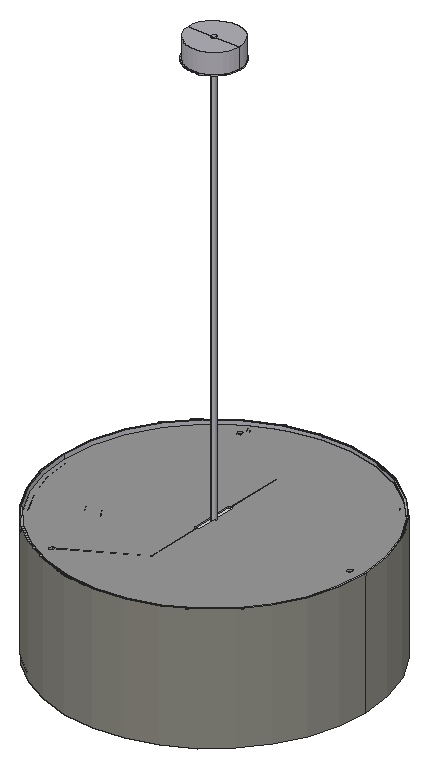
Revit family "Lighting - Lumetta - Pendant - P54214L2A", category Lighting Fixtures, host Ceiling, Revit 2015
Parameters
  Wattage = 11.7117 W
  built-in parameter 1150110 = 1 (stored number, unit not read)
  URL = "https://lumetta.com/luminaires/drum-l2-42-inch-acoustic-light/"
  Type Comments = "Drum Acoustic L2 42'' Pendant"  # constant formula
  built-in parameter 1114217 = 1 (stored number, unit not read)
  Top Lens-Material [instance] = Acrylic - 2447 - White
  Top Lens [instance] = yes
  built-in parameter 1150109 = 1 (stored number, unit not read)
  built-in parameter 1150134 = (empty or 0)
  Suspension [instance] = 2
  built-in parameter 1150113 = 1 (stored number, unit not read)
  Stem Hung-ALL Lamping [instance] = Suspension = 2  # yes
  STD-NON_DIM [instance] = not([3-4-LED])  # yes
  Model URL [instance] = "https://lumetta.com/luminaires/drum-l2-42-inch-acoustic-light/"
  Light Source Symbol Size = 0' - 1"
  Diffuser Material-Outer-Inside [instance] = Shade - Lumetta - D704-AC-Orange
  Coupling-Stems Over 60 inches [instance] = and([Stem Hung-ALL Lamping], Fixture Drop > 5' 0")  # no
  Model = "P54214L2A"  # constant formula
  Manufacturer = "Lumetta, Inc."  # constant formula
  Lumens = 1300 lm
  built-in parameter 1150115 = 1 (stored number, unit not read)
  built-in parameter 1150105 = 103.45 (stored number, unit not read)
  built-in parameter 1150137 = (empty or 0)
  built-in parameter 1150139 = (empty or 0)
  built-in parameter 1150112 = 1 (stored number, unit not read)
  built-in parameter 1150114 = 1 (stored number, unit not read)
  built-in parameter 1150132 = 1
  built-in parameter 1150102 = (empty or 0)
  built-in parameter 1150138 = (empty or 0)
  built-in parameter 1150107 = 3000 (stored number, unit not read)
  built-in parameter 1150106 = 1.0345 (stored number, unit not read)
  Frame Finish [instance] = Paint - Lumetta - F02 - PC_Chrome
  Fixture Drop [instance] = 4' - 0"
  built-in parameter 1150104 = 10.312 (stored number, unit not read)
  Dimming Lamp Color Temperature Shift = (empty or 0)
  Diffuser Material-Outer [instance] = Shade - Lumetta - D14 - Eggshell
  Description = ""
  Cord [instance] = Suspension = 1  # no
  3-4-LED [instance] = and([3 or 4 Wire Dimming OR LED], Suspension = 1)  # no
  3 or 4 Wire Dimming OR LED [instance] = yes
  3 Cables [instance] = Suspension = 1  # no
  1CRD-3CBL-ALL Lamping [instance] = Suspension = 1  # no
  Cord Color [instance] = Cord, Black
  Color Filter = 16777215
  built-in parameter 1114218 = 1 (stored number, unit not read)
  built-in parameter 1150133 = 10 (stored number, unit not read)
Reference planes (in)
  plane 1 "Light Source Axis (F/B)": y = 0
  plane 2 "Ceiling": z = 96
  plane 3 "Light Source Axis (L/R)": x = 0
  plane 4 "Light Source Elevation": z = 45.5
  plane 5 "Fixture-Top": z = 48
  plane 6 "Fixture-Radius": x = 17
  plane 7 "Fixture-Height": z = 34
  plane 8: through (0, 0, 0) normal (-0.5, -0.866, 0)
  plane 9: y = 0
  plane 10: through (0, 0, 0) normal (0.5, -0.866, 0)
  plane 11 "Plane-120": through (-8.5, 14.72243, 0) normal (0.5, -0.866, 0)
  plane 12 "Plane-240": through (-70.85383, 21.27757, 0) normal (0.5, 0.866, 0)
  plane 13: through (0, 0, 0) normal (-0.866, -0.5, 0)
  plane 14: through (0, 0, 0) normal (0.866, -0.5, 0)
Forms (in)
  Revolve 1, solid, material "Paint - Lumetta - F02 - PC_Chrome" <- "Frame Finish", visible <- "1CRD-3CBL-ALL Lamping"
    sketch origin (0, 0, 0) x (1, 0, 0) y (0, 0, 1)
      loop
        line (0, 96) -> (0, 95.4375) -> (3, 95.4375) -> (3, 95.5) -> (2.87509, 95.5) -> (2.87509, 96) -> (0, 96)
      axis (0, 96) -> (0, 95.4375)
    angle from 0 to 360
  Extrusion 2, void
    sketch origin (0, 0, 95.4375) x (0, -1, 0) y (1, 0, 0)
      loop
        circle (0, 0) r 0.25
      loop
        circle (0, 2.5) r 0.06274
      loop
        circle (-2.16506, -1.25) r 0.06274
      loop
        circle (2.16506, -1.25) r 0.06274
    from 0 to 0.06358
  Revolve 3, solid, material "Paint - Lumetta - F02 - PC_Chrome" <- "Frame Finish"
    sketch origin (0, 0, 0) x (1, 0, 0) y (0, 0, 1)
      loop
        line (17, 48) -> (16.875, 48) -> (16.875, 47.5) -> (16.375, 47.5) -> (16.375, 47.375) -> (17, 47.375) -> (17, 48)
      loop
        line (17, 34.625) -> (16.875, 34.625) -> (16.875, 34.125) -> (16.375, 34.125) -> (16.375, 34) -> (17, 34) -> (17, 34.625)
      axis (0, 48) -> (0, 34)
    angle from 0 to 360
  Revolve 4, solid, material "Shade - Lumetta - D14 - Eggshell" <- "Diffuser Material-Outer"
    sketch origin (0, 0, 0) x (1, 0, 0) y (0, 0, 1)
      loop
        line (17, 47.99572) -> (17, 34.00701) -> (17.06242, 34.00701) -> (17.06242, 47.99572) -> (17, 47.99572)
      axis (0, 47.99572) -> (0, 34.00701)
    angle from 0 to 360
  Extrusion 5, solid, material "Paint - Lumetta - F02 - PC_Chrome" <- "Frame Finish", visible <- "Stem Hung-ALL Lamping"
    sketch origin (0, 0, 48) x (0, -1, 0) y (-1, 0, 0)
      loop
        circle (0, 0) r 0.25
    from 0.56254 to -48
  Revolve 6, solid, material "Paint - Lumetta - F02 - PC_Chrome" <- "Frame Finish", visible <- "Coupling-Stems Over 60 inches"
    sketch origin (0, 0, 0) x (1, 0, 0) y (0, 0, 1)
      loop
        line (0, 108.52595) -> (0, 107.99572) -> (0.26233, 107.99572)
        arc (0.26233, 107.99572) -> (0.31307, 108.04646) -> (0.26233, 108.09721) r 0.05074
        arc (0.26233, 108.09721) -> (0.29304, 108.26071) -> (0.26243, 108.42423) r 0.45126
        arc (0.26243, 108.42423) -> (0.31329, 108.47509) -> (0.26243, 108.52595) r 0.05086
        line (0.26243, 108.52595) -> (0, 108.52595)
      axis (0, 108.52595) -> (0, 107.99572)
    angle from 0 to 360
  Revolve 7, solid, material "Paint - Lumetta - F02 - PC_Chrome" <- "Frame Finish", visible <- "Stem Hung-ALL Lamping"
    sketch origin (0, 0, 0) x (1, 0, 0) y (0, 0, 1)
      loop
        line (0, 96) -> (0, 93.40625) -> (0.34988, 93.40625)
        arc (0.34988, 93.40625) -> (0.49124, 93.54417) -> (0.58115, 93.72) r 0.61026
        line (0.58115, 93.72) -> (3, 93.72) -> (3, 93.78) -> (2.875, 93.78) -> (2.875, 96) -> (0, 96)
      axis (0, 96) -> (0, 93.40625)
    angle from 0 to 360
  Extrusion 8, solid, material "Cord, Black" <- "Cord Color", visible <- "1CRD-3CBL-ALL Lamping"
    sketch origin (0, 0, 48) x (0, -1, 0) y (1, 0, 0)
      loop
        circle (0, 0) r 0.15674
    from -0.56254 to 48
  Extrusion 9, solid
    sketch origin (0, 0, 48) x (0, -1, 0) y (1, 0, 0)
      loop
        line (-0.5, 16.48559) -> (-0.5, 15.75) -> (0.5, 15.75) -> (0.5, 16.48559)
        arc (0.5, 16.48559) -> (0, 16.49317) -> (-0.5, 16.48559) r 16.49317
      loop
        circle (0, 16) r 0.11051
      loop
        arc (-14.42455, -7.75067) -> (-14.18117, -8.1875) -> (-13.92455, -8.6167) r 16.375
        line (-13.92455, -8.6167) -> (-13.3899, -8.30801) -> (-13.8899, -7.44199) -> (-14.42455, -7.75067)
      loop
        circle (-13.85641, -8) r 0.10826
      loop
        arc (14.02694, -8.67581) -> (14.2835, -8.24658) -> (14.52694, -7.80978) r 16.49317
        line (14.52694, -7.80978) -> (13.8899, -7.44199) -> (13.3899, -8.30801) -> (14.02694, -8.67581)
      loop
        circle (13.85641, -8) r 0.10826
    from -0.5 to -0.71568
  Extrusion 10, solid
    sketch origin (0, 0, 48) x (0, -1, 0) y (1, 0, 0)
      loop
        circle (0, 16) r 0.11051
      loop
        line (-0.76833, 16.23292) -> (-0.76833, 15.46921) -> (-13.81756, -7.13271) -> (-14.42396, -7.48282) -> (-13.67396, -8.78185) -> (-13.01257, -8.4) -> (13.08589, -8.4) -> (13.69229, -8.7501) -> (14.44229, -7.45107) -> (13.7809, -7.06921) -> (0.73167, 15.53271) -> (0.73167, 16.23292) -> (-0.76833, 16.23292)
      loop
        circle (0, 15.25) r 0.15796
      loop
        circle (-13.85641, -8) r 0.11051
      loop
        circle (-13.20689, -7.625) r 0.15796
      loop
        circle (13.85641, -8) r 0.11051
      loop
        circle (13.20689, -7.625) r 0.15796
      loop
        arc (11.2475, -6.7125) -> (11.43695, -6.60313) -> (11.43695, -6.38438) r 0.21875
        line (11.43695, -6.38438) -> (0.18944, 13.09688)
        arc (0.18944, 13.09688) -> (0, 13.20625) -> (-0.18944, 13.09688) r 0.21875
        line (-0.18944, 13.09688) -> (-11.43695, -6.38438)
        arc (-11.43695, -6.38438) -> (-11.43695, -6.60313) -> (-11.2475, -6.7125) r 0.21875
        line (-11.2475, -6.7125) -> (11.2475, -6.7125)
    from -0.625 to -0.71568
  Sweep 11, solid, visible <- "1CRD-3CBL-ALL Lamping"
    path origin (0, 0, 0) x (1, 0, 0) y (0, 0, 1)
      loop
        line (2.5, 95.50108) -> (15.27299, 47.375)
    profile origin (8.8865, 0, 71.43804) x (0.966537, 0, 0.256526) y (0, -1, 0)
      loop
        circle (0, 0) r 0.03083
  Sweep 12, solid, visible <- "1CRD-3CBL-ALL Lamping"
    path origin (0, 0, 0) x (-0.5, 0.866025, 0) y (0, 0, 1)
      loop
        line (2.5, 95.50108) -> (15.27314, 47.3742)
    profile origin (-4.44328, 7.696, 71.43764) x (-0.483269, 0.837046, 0.256524) y (0.866025, 0.5, 0)
      loop
        circle (0, 0) r 0.03083
  Sweep 13, solid, visible <- "1CRD-3CBL-ALL Lamping"
    path origin (0, 0, 0) x (-0.5, -0.866025, 0) y (0, 0, 1)
      loop
        line (2.5, 95.50108) -> (15.27299, 47.375)
    profile origin (-4.44325, -7.69593, 71.43804) x (-0.483269, -0.837046, 0.256526) y (-0.866025, 0.5, 0)
      loop
        circle (0, 0) r 0.03083
  Extrusion 14, solid
    sketch origin (0, 0, 48) x (0, -1, 0) y (1, 0, 0)
      loop
        line (-8.47262, -1.25) -> (8.47262, -1.25) -> (7.02924, 1.25) -> (-7.02924, 1.25) -> (-8.47262, -1.25)
      loop
        circle (0, 0) r 0.28281
    from -0.56254 to -0.625
  Extrusion 15, solid, material "Acrylic - 2447 - White" <- "Top Lens-Material", visible <- "Top Lens"
    sketch origin (0, 0, 48) x (0, -1, 0) y (1, 0, 0)
      loop
        line (-2.50665, 0.05287) -> (-8.76685, 0.05287) -> (-13.06871, -7.39816)
        arc (-13.06871, -7.39816) -> (-13.39627, -7.81123) -> (-12.97776, -7.49064) r 0.26561
        line (-12.97776, -7.49064) -> (-8.69468, -0.07213) -> (-2.50665, -0.07213)
        arc (-2.50665, -0.07213) -> (-2.4132, -0.21734) -> (-2.25, -0.27378) r 0.26415
        line (-2.25, -0.27378) -> (2.25, -0.27378)
        arc (2.25, -0.27378) -> (2.41692, -0.21436) -> (2.50874, -0.06284) r 0.26415
        line (2.50874, -0.06284) -> (8.68932, -0.06284) -> (12.97864, -7.49217)
        arc (12.97864, -7.49217) -> (13.3955, -7.80984) -> (13.06947, -7.39949) r 0.26408
        line (13.06947, -7.39949) -> (8.76109, 0.06284) -> (2.50402, 0.06284)
        arc (2.50402, 0.06284) -> (2.40911, 0.20123) -> (2.25, 0.25453) r 0.26415
        line (2.25, 0.25453) -> (-2.25, 0.25453)
        arc (-2.25, 0.25453) -> (-2.4132, 0.19808) -> (-2.50665, 0.05287) r 0.26415
      loop
        circle (0, 15.25) r 0.26626
      loop
        circle (0, 0) r 16.84375
    from -0.5 to -0.375
  Revolve 16, solid, material "Paint - Lumetta - F02 - PC_Chrome" <- "Frame Finish", visible <- "STD-NON_DIM"
    sketch origin (0, 0, 0) x (1, 0, 0) y (0, 0, 1)
      loop
        line (0, 95.4375) -> (0, 94.87435) -> (0.28215, 94.87435) -> (0.37481, 95.4375) -> (0, 95.4375)
      axis (0, 95.4375) -> (0, 94.87435)
    angle from 0 to 360
  Revolve 17, solid, material "Paint - Lumetta - F02 - PC_Chrome" <- "Frame Finish", visible <- "3-4-LED"
    sketch origin (0, 0, 0) x (1, 0, 0) y (0, 0, 1)
      loop
        line (0, 95.4375) -> (0, 95.3765) -> (0.37481, 95.3765) -> (0.37481, 95.4375) -> (0, 95.4375)
      axis (0, 95.4375) -> (0, 95.3765)
    angle from 0 to 360
  Extrusion 18, solid, material "Acrylic - 2447 - White"
    sketch origin (0, 0, 48) x (0, -1, 0) y (1, 0, 0)
      loop
        circle (0, 0) r 11.5
      loop
        circle (0, 10.5) r 0.07031
      loop
        circle (-9.09327, -5.25) r 0.07031
      loop
        circle (9.09327, -5.25) r 0.07031
      loop
        arc (7.0848, -4.85377) -> (7.06805, -4.79127) -> (7.0848, -4.72877) r 0.125
        line (7.0848, -4.72877) -> (7.63763, -3.77123)
        arc (7.63763, -3.77123) -> (7.68338, -3.72548) -> (7.74588, -3.70873) r 0.125
        line (7.74588, -3.70873) -> (9.02922, -3.70873)
        arc (9.02922, -3.70873) -> (9.2436, -3.64141) -> (9.38101, -3.46362) r 0.375
        arc (9.38101, -3.46362) -> (8.66025, 5) -> (1.69092, 9.856) r 10
        arc (1.69092, 9.856) -> (1.46825, 9.8259) -> (1.30275, 9.6739) r 0.375
        line (1.30275, 9.6739) -> (0.66108, 8.5625)
        arc (0.66108, 8.5625) -> (0.61533, 8.51675) -> (0.55283, 8.5) r 0.125
        line (0.55283, 8.5) -> (-0.55283, 8.5)
        arc (-0.55283, 8.5) -> (-0.61533, 8.51675) -> (-0.66108, 8.5625) r 0.125
        line (-0.66108, 8.5625) -> (-1.30275, 9.6739)
        arc (-1.30275, 9.6739) -> (-1.46825, 9.8259) -> (-1.69092, 9.856) r 0.375
        arc (-1.69092, 9.856) -> (-8.66025, 5) -> (-9.38101, -3.46362) r 10
        arc (-9.38101, -3.46362) -> (-9.2436, -3.64141) -> (-9.02922, -3.70873) r 0.375
        line (-9.02922, -3.70873) -> (-7.74588, -3.70873)
        arc (-7.74588, -3.70873) -> (-7.68338, -3.72548) -> (-7.63763, -3.77123) r 0.125
        line (-7.63763, -3.77123) -> (-7.0848, -4.72877)
        arc (-7.0848, -4.72877) -> (-7.06805, -4.79127) -> (-7.0848, -4.85377) r 0.125
        line (-7.0848, -4.85377) -> (-7.72647, -5.96517)
        arc (-7.72647, -5.96517) -> (-7.77536, -6.18449) -> (-7.69009, -6.39238) r 0.375
        arc (-7.69009, -6.39238) -> (0, -10) -> (7.69009, -6.39238) r 10
        arc (7.69009, -6.39238) -> (7.77536, -6.18449) -> (7.72647, -5.96517) r 0.375
        line (7.72647, -5.96517) -> (7.0848, -4.85377)
    from -0.95697 to -0.71568
  Extrusion 19, solid, material "Acrylic - P95 - Etched White"
    sketch origin (0, 0, 48) x (0, -1, 0) y (1, 0, 0)
      loop
        circle (0, 0) r 11.5
    from -10.71679 to -10.46688
  Revolve 20, solid
    sketch origin (0, 0, 0) x (1, 0, 0) y (0, 0, 1)
      loop
        line (16.9375, 47.375) -> (16.8125, 47.375) -> (16.8125, 34.125) -> (16.9375, 34.125) -> (16.9375, 47.375)
      axis (0, 47.375) -> (0, 34.125)
    angle from 0 to 360
  Revolve 21, solid, material "Shade - Lumetta - D61 - MT_White"
    sketch origin (0, 0, 0) x (1, 0, 0) y (0, 0, 1)
      loop
        line (11.5, 47.28432) -> (11.5, 37.28432) -> (11.53125, 37.28432) -> (11.53125, 47.28432) -> (11.5, 47.28432)
      axis (0, 47.28432) -> (0, 37.28432)
    angle from 0 to 360
Dimensions and locks (in)
  equal spacing: host sketch curve, plane 3 "Light Source Axis (L/R)", host sketch curve
  equal spacing: host sketch curve, plane 1 "Light Source Axis (F/B)", host sketch curve
  host sketch curve to host sketch curve = 10' - 0"  (x2)
  "Fixture Drop": plane 2 "Ceiling" to plane 5 "Fixture-Top"
  locked: plane 5 "Fixture-Top" to plane 4 "Light Source Elevation" at 2.5
  locked: plane 6 "Fixture-Radius" to plane 3 "Light Source Axis (L/R)" at 17
  locked: plane 5 "Fixture-Top" to plane 7 "Fixture-Height" at 14
  locked: Extrusion 2 sketch curve to Extrusion 2 sketch curve at 2.5
  locked: plane 6 "Fixture-Radius" to Revolve 3 sketch curve at 0.125  (x2)
  locked: Revolve 4 sketch curve to plane 6 "Fixture-Radius" at 0.06242
  locked: Extrusion 5 sketch curve to imposter light
  locked: Extrusion 5 sketch curve to imposter light at 0
  Revolve 6 sketch curve to Revolve 6 sketch curve = 0' - 0.15822"
  locked: Revolve 6 sketch curve to Revolve 4 at 60
  locked: Revolve 6 sketch curve to Revolve 6 sketch curve at 0.53023
  locked: Revolve 6 sketch curve to Revolve 6 sketch curve at 0.26243
  locked: Revolve 6 sketch curve to Revolve 6 sketch curve at 0.26233
  locked: Revolve 6 sketch curve to Revolve 6 sketch curve at 0.05074
  locked: Revolve 6 sketch curve to Revolve 6 sketch curve at 0.47937
  locked: Revolve 6 sketch curve to Revolve 6 sketch curve at 0.26512
  locked: Revolve 7 sketch curve to Revolve 7 sketch curve at 2.875
  locked: Revolve 7 sketch curve to Revolve 7 sketch curve at 0.31375
  locked: plane 5 "Fixture-Top" to Revolve 3 sketch curve at 0.625
  locked: Revolve 3 sketch curve to Revolve 3 sketch curve at 0.125  (x2)
  locked: Revolve 3 sketch curve to plane 7 "Fixture-Height" at 0.625
  locked: plane 6 "Fixture-Radius" to Revolve 3 sketch curve at 0.625
  locked: Revolve 1 sketch curve to Revolve 1 sketch curve at 0.0625
  locked: host ceiling to Revolve 1 sketch curve at 0.5625
  locked: Revolve 1 sketch curve to Revolve 1 sketch curve at 0.5625
  Revolve 1 sketch curve to Revolve 1 sketch curve = 0' - 2.87509"
  equal spacing: Extrusion 9 sketch curve, plane 1 "Light Source Axis (F/B)", Extrusion 9 sketch curve
  locked: Extrusion 9 sketch curve to plane 1 "Light Source Axis (F/B)" at 0.5
  locked: Extrusion 9 sketch curve to plane 6 "Fixture-Radius" at 1
  locked: Extrusion 9 sketch curve to plane 6 "Fixture-Radius" at 1.25
  locked: Extrusion 10 sketch curve to plane 6 "Fixture-Radius" at 1
  locked: Extrusion 10 sketch curve to plane 6 "Fixture-Radius" at 1.75
  locked: plane 10 to plane 11 "Plane-120" at 17
  locked: plane 12 "Plane-240" to plane 8 at 17
  locked: plane 11 "Plane-120" to Extrusion 9 sketch curve at 1.25
  locked: Extrusion 9 sketch curve to plane 11 "Plane-120" at 1
  locked: plane 12 "Plane-240" to Extrusion 9 sketch curve at 1.25
  locked: Extrusion 9 sketch curve to plane 12 "Plane-240" at 1
  locked: Extrusion 10 sketch curve to plane 11 "Plane-120" at 0.76708
  locked: Extrusion 10 sketch curve to plane 12 "Plane-240" at 0.76708
  locked: Extrusion 10 sketch curve to plane 6 "Fixture-Radius" at 0.76708
  locked: Extrusion 10 sketch curve to plane 12 "Plane-240" at 1
  locked: Extrusion 10 sketch curve to plane 12 "Plane-240" at 1.75
  locked: Extrusion 10 sketch curve to plane 11 "Plane-120" at 1
  locked: Extrusion 10 sketch curve to plane 11 "Plane-120" at 1.75
  equal spacing: Extrusion 9 sketch curve, plane 13, Extrusion 9 sketch curve, locked at 0.5 each
  equal spacing: Extrusion 9 sketch curve, plane 14, Extrusion 9 sketch curve
  locked: plane 10 to Extrusion 2 sketch curve at 2.5
  locked: Extrusion 2 sketch curve to plane 8 at 2.5
  locked: Extrusion 10 sketch curve to Extrusion 10 sketch curve at 1.6875  (x3)
  locked: Extrusion 10 sketch curve to Extrusion 10 sketch curve at 1.5  (x3)
  plane 3 "Light Source Axis (L/R)" to Extrusion 14 sketch curve = 0' - 1 1/4"
  Extrusion 14 sketch curve to plane 3 "Light Source Axis (L/R)" = 0' - 1 1/4"
  locked: Extrusion 14 sketch curve to Extrusion 10 at 1.6875  (x2)
  locked: Extrusion 15 sketch curve to plane 9 at 2.25
  locked: Extrusion 15 sketch curve to plane 3 "Light Source Axis (L/R)" at 0.07213
  locked: plane 3 "Light Source Axis (L/R)" to Extrusion 15 sketch curve at 0.05287
  locked: plane 3 "Light Source Axis (L/R)" to Extrusion 15 sketch curve at 0.06284
  locked: Extrusion 15 sketch curve to plane 3 "Light Source Axis (L/R)" at 0.06284
  locked: Extrusion 15 sketch curve to plane 3 "Light Source Axis (L/R)" at 0.00963  (x2)
  locked: Extrusion 15 sketch curve to plane 11 "Plane-120" at 1.75
  locked: Extrusion 15 sketch curve to plane 12 "Plane-240" at 1.75
  locked: Extrusion 15 sketch curve to plane 6 "Fixture-Radius" at 1.75
  locked: Extrusion 15 sketch curve to Extrusion 10 at 0.78125  (x2)
  locked: Extrusion 15 sketch curve to Extrusion 15 sketch curve at 0.125  (x2)
  Extrusion 15 to plane 3 "Light Source Axis (L/R)" = 0' - 0.07213"
  locked: plane 5 "Fixture-Top" to Extrusion 15 at 0.375
  locked: Revolve 1 sketch curve to Revolve 1 sketch curve at 3
  locked: Revolve 1 sketch curve to Revolve 1 sketch curve at 2.87509
  locked: Revolve 16 sketch curve to Revolve 16 sketch curve at 0.37481
  locked: Revolve 16 sketch curve to Revolve 16 sketch curve at 0.28215
  locked: Revolve 1 to Revolve 16 sketch curve at 0.56315
  locked: Revolve 1 to Revolve 17 sketch curve at 0.061
  locked: plane 3 "Light Source Axis (L/R)" to Revolve 17 sketch curve at 0.37481
  locked: Revolve 3 to Revolve 4 at 0.61799
  locked: Extrusion 18 sketch curve to plane 3 "Light Source Axis (L/R)" at 0
  locked: Extrusion 18 sketch curve to plane 9 at 0
  locked: Extrusion 18 to Extrusion 18 at 0.24129
  locked: Extrusion 19 to Extrusion 19 at 0.24991
  locked: Extrusion 18 to Extrusion 19 at 10.0011
  locked: Revolve 20 sketch curve to plane 7 "Fixture-Height" at 0.125
  locked: plane 5 "Fixture-Top" to Revolve 20 sketch curve at 0.625
  locked: Revolve 20 sketch curve to Revolve 20 sketch curve at 0.125
  locked: plane 6 "Fixture-Radius" to Revolve 20 sketch curve at 0.0625
  locked: Revolve 21 sketch curve to Extrusion 19 at 0.0011
  locked: Revolve 21 sketch curve to Extrusion 18 at 0
  locked: Revolve 21 sketch curve to plane 3 "Light Source Axis (L/R)" at 11.5
  locked: Revolve 21 sketch curve to Revolve 21 sketch curve at 0.03125
  locked: Extrusion 15 sketch curve to Extrusion 15 sketch curve (radius 1' - 4 27/32")
  aligned and locked: plane 3 "Light Source Axis (L/R)" to imposter light
  aligned and locked: plane 1 "Light Source Axis (F/B)" to imposter light
  aligned and locked: plane 4 "Light Source Elevation" to imposter light
  aligned and locked: Revolve 4 sketch curve to plane 3 "Light Source Axis (L/R)"
  aligned and locked: Revolve 6 sketch curve to Revolve 6 sketch curve  (x2)
  aligned and locked: host ceiling to Extrusion 5
  aligned and locked: Extrusion 9 to Extrusion 10
  aligned and locked: Extrusion 9 sketch curve to Revolve 3
  aligned and locked: host ceiling to Extrusion 8
  aligned and locked: Extrusion 5 to Extrusion 14
  aligned and locked: Extrusion 15 sketch curve to Extrusion 15 sketch curve  (x2)
  aligned and locked: Extrusion 15 to Revolve 3
  aligned and locked: Revolve 3 to Extrusion 10
  aligned and locked: Extrusion 9 to Extrusion 15
  aligned and locked: Extrusion 18 to Extrusion 10
Automatic sketch dimensions
  Revolve 4 sketch curve to plane 6 "Fixture-Radius" = 0' - 0"
  Revolve 4 sketch curve to plane 7 "Fixture-Height" = 0' - 0.00701"
  plane 5 "Fixture-Top" to Revolve 4 sketch curve = 0' - 0.00428"
  plane 7 "Fixture-Height" to Revolve 4 sketch curve = 0' - 1 1/4"
  Revolve 4 sketch curve to plane 5 "Fixture-Top" = 0' - 2 1/4"
  Revolve 6 sketch curve to plane 3 "Light Source Axis (L/R)" = 0' - 0"
  Revolve 6 sketch curve to Revolve 6 sketch curve = 0' - 11.34317"
  Revolve 7 sketch curve to plane 3 "Light Source Axis (L/R)" = 0' - 0"  (x3)
  Revolve 7 sketch curve to plane 2 "Ceiling" = 0' - 0"
  plane 3 "Light Source Axis (L/R)" to Revolve 7 sketch curve = 0' - 0.34988"
  Revolve 7 sketch curve to Revolve 7 sketch curve = 0' - 0.23126"
  Revolve 7 sketch curve to Revolve 7 sketch curve = 0' - 0 1/8"
  Revolve 7 sketch curve to plane 2 "Ceiling" = 0' - 2 3/32"
  Revolve 7 sketch curve to Revolve 7 sketch curve = 0' - 0.06"
  plane 2 "Ceiling" to Revolve 7 sketch curve = 0' - 1 3/4"
  Revolve 7 sketch curve to Revolve 7 sketch curve = 0' - 2 1/2"
  plane 1 "Light Source Axis (F/B)" to Extrusion 8 sketch curve = 0' - 0"
  Extrusion 8 sketch curve to plane 3 "Light Source Axis (L/R)" = 0' - 0"
  Revolve 3 sketch curve to plane 3 "Light Source Axis (L/R)" = 0' - 0"
  Revolve 3 sketch curve to plane 7 "Fixture-Height" = 0' - 0"
  Revolve 3 sketch curve to plane 5 "Fixture-Top" = 0' - 0"
  Revolve 3 sketch curve to plane 6 "Fixture-Radius" = 0' - 0"  (x2)
  Revolve 3 sketch curve to level = 0' - 10"
  Revolve 3 sketch curve to plane 2 "Ceiling" = 0' - 1"
  Revolve 3 sketch curve to Revolve 3 sketch curve = 0' - 0 1/2"
  Extrusion 9 sketch curve to Extrusion 9 sketch curve = 0' - 0"  (x2)
  plane 1 "Light Source Axis (F/B)" to Extrusion 9 sketch curve = 0' - 0"  (x2)
  Extrusion 9 sketch curve to Extrusion 9 sketch curve = 0' - 0.03349"  (x2)
  Extrusion 9 sketch curve to Extrusion 9 sketch curve = 0' - 0.17053"
  Extrusion 9 sketch curve to plane 6 "Fixture-Radius" = 0' - 0.51441"
  Extrusion 9 sketch curve to plane 3 "Light Source Axis (L/R)" = 0' - 0"
  plane 14 to Extrusion 9 sketch curve = 0' - 0"
  plane 13 to Extrusion 9 sketch curve = 0' - 0"
  Extrusion 2 sketch curve to Revolve 1 = 0' - 0"
  Extrusion 2 sketch curve to Extrusion 2 sketch curve = 0' - 1 1/4"  (x2)
  Sweep 11 sketch curve to plane 1 "Light Source Axis (F/B)" = 0' - 0"
  Sweep 11 sketch curve to profile plane = 0' - 0"
  Sweep 12 sketch curve to profile plane = 0' - 0"
  profile plane to Sweep 12 sketch curve = 0' - 0"
  profile plane to Sweep 13 sketch curve = 0' - 0"  (x2)
  plane 13 to Extrusion 10 sketch curve = 0' - 0"  (x3)
  plane 1 "Light Source Axis (F/B)" to Extrusion 10 sketch curve = 0' - 0"  (x3)
  plane 14 to Extrusion 10 sketch curve = 0' - 0"  (x2)
  Extrusion 10 sketch curve to plane 14 = 0' - 0"
  Extrusion 10 sketch curve to Extrusion 10 sketch curve = 0' - 0.18245"
  Extrusion 10 sketch curve to plane 1 "Light Source Axis (F/B)" = 0' - 0.18944"
  plane 1 "Light Source Axis (F/B)" to Extrusion 10 sketch curve = 0' - 0.18944"
  plane 1 "Light Source Axis (F/B)" to Extrusion 10 sketch curve = 0' - 0.73167"
  Extrusion 10 sketch curve to Extrusion 10 sketch curve = 0' - 0.121"
  Extrusion 10 sketch curve to Extrusion 10 sketch curve = 0' - 0 7/64"
  Extrusion 10 sketch curve to Extrusion 10 sketch curve = 0' - 1.95938"
  Extrusion 10 sketch curve to Extrusion 10 sketch curve = 0' - 0 7/32"
  Extrusion 10 sketch curve to Extrusion 10 sketch curve = 0' - 0.18944"  (x2)
  Extrusion 10 sketch curve to Extrusion 10 sketch curve = 0' - 0.6064"
  Extrusion 10 sketch curve to Extrusion 10 sketch curve = 0' - 0.66139"
  plane 1 "Light Source Axis (F/B)" to Extrusion 14 sketch curve = 0' - 0"
  Extrusion 14 sketch curve to plane 3 "Light Source Axis (L/R)" = 0' - 0"
  plane 13 to Extrusion 15 sketch curve = 0' - 0"
  plane 1 "Light Source Axis (F/B)" to Extrusion 15 sketch curve = 0' - 0"  (x2)
  plane 14 to Extrusion 15 sketch curve = 0' - 0"
  Extrusion 15 sketch curve to plane 3 "Light Source Axis (L/R)" = 0' - 0"
  plane 1 "Light Source Axis (F/B)" to Extrusion 15 sketch curve = 0' - 2 1/4"
  Extrusion 15 sketch curve to Extrusion 15 sketch curve = 0' - 0.25665"
  Extrusion 15 sketch curve to Extrusion 15 sketch curve = 0' - 0.13436"
  Extrusion 15 sketch curve to Extrusion 15 sketch curve = 0' - 0.09083"
  Revolve 1 sketch curve to plane 3 "Light Source Axis (L/R)" = 0' - 0"  (x2)
  Revolve 1 sketch curve to plane 5 "Fixture-Top" = 0' - 1 1/4"
  Revolve 1 sketch curve to Revolve 1 sketch curve = 0' - 9 3/4"
  Revolve 16 sketch curve to plane 3 "Light Source Axis (L/R)" = 0' - 0"  (x2)
  Revolve 16 sketch curve to plane 2 "Ceiling" = 0' - 0 9/16"
  Revolve 16 sketch curve to Revolve 16 sketch curve = 0' - 1.18685"
  plane 2 "Ceiling" to Revolve 16 sketch curve = 0' - 6 11/16"
  Revolve 17 sketch curve to plane 3 "Light Source Axis (L/R)" = 0' - 0"  (x2)
  Revolve 17 sketch curve to Revolve 17 sketch curve = 0' - 0.061"
  Revolve 17 sketch curve to Revolve 17 sketch curve = 0' - 0.82606"
  Revolve 17 sketch curve to plane 2 "Ceiling" = 0' - 0 1/4"
  Sweep 12 sketch curve to plane 2 "Ceiling" = 0' - 0.49892"
  Sweep 12 sketch curve to plane 10 = 0' - 2 1/2"
  plane 5 "Fixture-Top" to Sweep 12 sketch curve = 0' - 0.6258"
  plane 11 "Plane-120" to Sweep 12 sketch curve = 0' - 1.72686"
  Sweep 13 sketch curve to plane 2 "Ceiling" = 0' - 0.49892"
  plane 8 to Sweep 13 sketch curve = 0' - 2 1/2"
  plane 5 "Fixture-Top" to Sweep 13 sketch curve = 0' - 0 5/8"
  plane 12 "Plane-240" to Sweep 13 sketch curve = 0' - 1.72701"
  Sweep 11 sketch curve to plane 2 "Ceiling" = 0' - 0.49892"
  plane 3 "Light Source Axis (L/R)" to Sweep 11 sketch curve = 0' - 2 1/2"
  plane 5 "Fixture-Top" to Sweep 11 sketch curve = 0' - 0 5/8"
  Sweep 11 sketch curve to plane 6 "Fixture-Radius" = 0' - 1.72701"
  Extrusion 18 sketch curve to Extrusion 18 sketch curve = 0' - 0"  (x12)
  Extrusion 18 sketch curve to Extrusion 18 sketch curve = 0' - 0.06405"
  Extrusion 18 sketch curve to Extrusion 18 sketch curve = 0' - 1.28334"  (x2)
  Extrusion 18 sketch curve to Extrusion 18 sketch curve = 0' - 1.3668"  (x2)
  Extrusion 18 sketch curve to Extrusion 18 sketch curve = 0' - 0.10825"  (x6)
  Extrusion 18 sketch curve to Extrusion 18 sketch curve = 0' - 0.32476"  (x4)
  Extrusion 18 sketch curve to Extrusion 18 sketch curve = 0' - 0.55283"  (x2)
  Extrusion 18 sketch curve to Extrusion 18 sketch curve = 0' - 6.11837"
  Extrusion 18 sketch curve to Extrusion 18 sketch curve = 0' - 0.64167"  (x2)
  Extrusion 18 sketch curve to Extrusion 18 sketch curve = 0' - 7.0848"  (x2)
  Extrusion 18 sketch curve to Extrusion 18 sketch curve = 0' - 1.30275"
  Extrusion 18 sketch curve to Extrusion 18 sketch curve = 0' - 1.10566"
  Extrusion 18 sketch curve to Extrusion 18 sketch curve = 0' - 0.31691"
  Extrusion 18 sketch curve to Extrusion 18 sketch curve = 0' - 0 3/16"  (x4)
  Extrusion 18 sketch curve to Extrusion 18 sketch curve = 0' - 0.71517"  (x2)
  Extrusion 18 sketch curve to Extrusion 18 sketch curve = 0' - 1.1114"  (x2)
  Extrusion 18 sketch curve to Extrusion 18 sketch curve = 0' - 0 1/16"  (x6)
  Extrusion 18 sketch curve to Extrusion 18 sketch curve = 0' - 0.95753"  (x2)
  Extrusion 18 sketch curve to Extrusion 18 sketch curve = 0' - 0 3/8"  (x2)
  Extrusion 18 sketch curve to Extrusion 18 sketch curve = 0' - 4.72877"
  Extrusion 18 sketch curve to Extrusion 18 sketch curve = 0' - 8 1/2"
  Extrusion 18 sketch curve to Extrusion 18 sketch curve = 0' - 0.9239"  (x2)
  Extrusion 18 sketch curve to Extrusion 18 sketch curve = 0' - 0.8261"
  plane 1 "Light Source Axis (F/B)" to Extrusion 19 sketch curve = 0' - 0"
  Extrusion 19 sketch curve to plane 3 "Light Source Axis (L/R)" = 0' - 0"
  Revolve 20 sketch curve to plane 3 "Light Source Axis (L/R)" = 0' - 0"
  level to Revolve 20 sketch curve = 0' - 0 7/8"
  Revolve 20 sketch curve to plane 7 "Fixture-Height" = 0' - 2 1/8"
  Revolve 21 sketch curve to plane 3 "Light Source Axis (L/R)" = 0' - 0"
  plane 7 "Fixture-Height" to Revolve 21 sketch curve = 0' - 5.71568"
  plane 4 "Light Source Elevation" to Revolve 21 sketch curve = 0' - 1.96568"
  radius of Extrusion 5 sketch curve = 0' - 0 1/4"
  radius of Extrusion 8 sketch curve = 0' - 0.15674"
  radius of Extrusion 9 sketch curve = 0' - 0.11051"
  radius of Extrusion 9 sketch curve = 0' - 0.10826"  (x2)
  radius of Extrusion 2 sketch curve = 0' - 0.06274"  (x3)
  radius of Sweep 11 sketch curve = 0' - 0.03083"
  radius of Sweep 12 sketch curve = 0' - 0.03083"
  radius of Sweep 13 sketch curve = 0' - 0.03083"
  radius of Extrusion 10 sketch curve = 0' - 0.11051"  (x3)
  radius of Extrusion 10 sketch curve = 0' - 0.15796"  (x3)
  radius of Extrusion 14 sketch curve = 0' - 0.28281"
  radius of Extrusion 15 sketch curve = 0' - 0.26626"
  radius of Extrusion 2 sketch curve to Revolve 1 = 0' - 2 3/4"
  radius of Extrusion 18 sketch curve = 0' - 11 1/2"
  radius of Extrusion 18 sketch curve = 0' - 0 9/128"  (x3)
  radius of Extrusion 19 sketch curve = 0' - 11 1/2"
